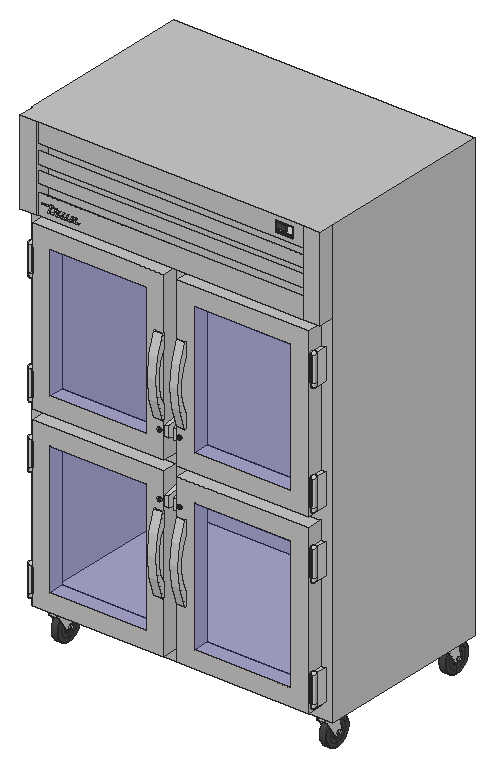
Revit family "QF_TRUE_STG2H-4HG", category Specialty Equipment, Revit 2012
Parameters
  Weight in Pounds = 0
  Watts = 3000 W
  Volts = 208 V
  URL Cutsheet = "www.truemfg.com"
  URL = "www.truemfg.com"
  Type Mark [instance] = ""
  Type Comments = ""
  Status [instance] = ""
  Specification by User [instance] = ""
  Specification by Manufacturer = ""
  Show Seismic Flanged [instance] = no
  Show Logo [instance] = yes
  Show Legs [instance] = no
  Show Clearance [instance] = yes
  Serial Number = ""
  Seismic Rating = ""
  Seismic Plate [instance] = and(Show Seismic Flanged, not(Show Casters))  # no
  SMACNA No = ""
  Revision Code [instance] = ""
  Phase = 1
  Omniclass Number and Title = ""
  Number of Poles [instance] = 1
  NAFEM Spec ID Number = ""
  Model = "STG2H-4HG"
  Min Ckt Ampacity = 0 A
  Max Overcurrent Protection = 0 A
  Masterspec = ""
  Manufacturer = "TRUE FOOD SERVICE EQUIPMENT, INC."
  Length = 52 5/8"
  Legs [instance] = or(Show Legs, Show Seismic Flanged)  # no
  Item Number [instance] = ""
  Installed By [instance] = ""
  Identify Quantity as Lot [instance] = yes
  Height = 77 3/4"
  HP = ""
  Furnished By [instance] = ""
  Foodservice Equipment Identifier [instance] = yes
  FL Amps = Watts / Volts  # 14.4231 A
  Electrical Remarks [instance] = "208-240/60/1"
  Electric Connection Type [instance] = ""
  Elec Conn RI Height [instance] = 0"
  Elec Conn Connection Height [instance] = 0"
  Description = "REACH-IN GLASS HALF SWING DOOR HEATED CABINETS WITH LED LIGHTING"
  Depth = 33 3/4"
  Cycle = 60 Hz
  Conn Plug = ""
  Conn Conduit = yes
  Show Casters [instance] = and(not(if(Show Legs, Show Legs, Show Legs)), not(if(Show Legs, Show Legs, Show Seismic Flanged)))  # yes
  CSI MasterFormat = ""
  CSI Master Format = ""
  Apparent Power = if(Phase = 3, Volts * FL Amps * 1.73, Volts * FL Amps)  # 3000 VA
Reference planes (in)
  plane 1 "BACK": y = 0
  plane 2: z = 0
  plane 3 "LEFT": x = 0
  plane 4 "RIGHT": x = 52.625
  plane 5 "FRONT": y = -33.75
  plane 6 "TOP": z = 84.125
  plane 7: z = 6.125
  plane 8: x = 26.3125
  plane 9: x = 3
  plane 10: x = 49.9375
  plane 11: y = -33.7042
  plane 12: x = 26.3125
  plane 13: y = -56.78125
Forms (in)
  Extrusion 1, solid, material "QF_Finishes_Stainless Steel"
    sketch origin (0.05, 0, 0) x (1, 0, 0) y (0, 1, 0)
      loop
        line (-0.05, 0) -> (-0.05, -31) -> (2.35625, -31) -> (2.35625, 0) -> (-0.05, 0)
    from 6.125 to 84.125
  Extrusion 2, solid, material "QF_Finishes_Stainless Steel"
    sketch origin (50.15, 0, 0) x (1, 0, 0) y (0, 1, 0)
      loop
        line (0.225, 0) -> (0.225, -31) -> (2.475, -31) -> (2.475, 0) -> (0.225, 0)
    from 6.125 to 84.125
  Extrusion 3, solid, material "QF_Finishes_Stainless Steel"
    sketch origin (0, 0, 0) x (0, 1, 0) y (0, 0, 1)
      loop
        line (-33.7042, 69.5) -> (-31, 69.5) -> (-31, 66.96875) -> (-2, 66.96875) -> (-2, 9.03125) -> (-31, 9.03125) -> (-31, 6.125) -> (0, 6.125) -> (0, 84.125) -> (-33.7042, 84.125) -> (-33.7042, 80.78078) -> (-31.5, 79.21352) -> (-31.5, 78.09125) -> (-33.7042, 79.65851) -> (-33.7042, 77.5248) -> (-31.5, 75.95754) -> (-31.5, 74.99678) -> (-33.7042, 76.56404) -> (-33.7042, 74.46784) -> (-31.5, 72.90057) -> (-31.5, 71.625) -> (-33.7042, 73.19226) -> (-33.7042, 69.5)
      loop
        line (-30, 36.125) -> (-30, 39.875) -> (-31, 39.875) -> (-31, 36.125) -> (-30, 36.125)
    from 2.25 to 50.375
  Extrusion 4, solid, material "QF_Finishes_Stainless Steel"
    sketch origin (0, 0, 0) x (1, 0, 0) y (0, 1, 0)
      loop
        line (52.54687, -31) -> (49.66032, -31) -> (49.66032, -33.75) -> (52.54687, -33.75) -> (52.54687, -31)
    from 69.5 to 84.125
  Extrusion 5, solid, material "QF_Finishes_Stainless Steel"
    sketch origin (-50.125, 0, 0.25) x (1, 0, 0) y (0, 1, 0)
      loop
        line (53.20984, -31) -> (50.20312, -31) -> (50.20312, -33.75) -> (53.20984, -33.75) -> (53.20984, -31)
    from 69.25 to 83.875
  Extrusion 6, solid, material "QF_Finishes_Stainless Steel"
    sketch origin (0, 0, -0.71875) x (1, 0, 0) y (0, 0, 1)
      loop
        line (2.25, 68.6875) -> (2.25, 39.59375) -> (25.1875, 39.59375) -> (25.1875, 68.6875) -> (2.25, 68.6875)
      loop
        line (50.53125, 68.6875) -> (27.59375, 68.6875) -> (27.59375, 39.59375) -> (50.53125, 39.59375) -> (50.53125, 68.6875)
      loop
        line (2.25, 8.75) -> (25.1875, 8.75) -> (25.1875, 37.84375) -> (2.25, 37.84375) -> (2.25, 8.75)
      loop
        line (27.59375, 8.75) -> (50.53125, 8.75) -> (50.53125, 37.84375) -> (27.59375, 37.84375) -> (27.59375, 8.75)
      loop
        line (5.25, 65.6875) -> (5.25, 42.59375) -> (22.1875, 42.59375) -> (22.1875, 65.6875) -> (5.25, 65.6875)
      loop
        line (30.59375, 65.6875) -> (30.59375, 42.59375) -> (47.53125, 42.59375) -> (47.53125, 65.6875) -> (30.59375, 65.6875)
      loop
        line (5.25, 34.84375) -> (5.25, 11.75) -> (22.29688, 11.75) -> (22.29688, 34.84375) -> (5.25, 34.84375)
      loop
        line (47.53125, 34.84375) -> (30.59375, 34.84375) -> (30.59375, 11.75) -> (47.53125, 11.75) -> (47.53125, 34.84375)
    from 31 to 33.75
  Extrusion 7, solid, material "QF_Finishes_Handrails and Railings"
    sketch origin (1.75, 0, 3.375) x (1, 0, 0) y (0, 0, 1)
      loop
        circle (22.76563, 40.0625) r 0.35
      loop
        line (22.73047, 40.33635) -> (22.73047, 39.76895) -> (22.78597, 39.76895) -> (22.78597, 40.33635) -> (22.73047, 40.33635)
      loop
        circle (26.28125, 40.0625) r 0.35
      loop
        line (26.3164, 40.33635) -> (26.2609, 40.33635) -> (26.2609, 39.76895) -> (26.3164, 39.76895) -> (26.3164, 40.33635)
    from 33.5 to 33.83066
  Extrusion 8, solid, material "QF_Finishes_Handrails and Railings", visible <- "Show Logo"
    sketch origin (0.33478, 1.08173, -6.73143) x (1, 0, 0) y (0, 0, 1)
      loop
        line (3.61669, 78.46231) -> (3.51103, 78.23573) -> (4.91652, 78.23573)
        arc (4.91652, 78.23573) -> (4.94504, 78.18528) -> (4.91652, 78.13484) r 0.05887
        line (4.91652, 78.13484) -> (4.54994, 77.34872)
        arc (4.54994, 77.34872) -> (4.54676, 77.27591) -> (4.596, 77.22217) r 0.09523
        line (4.596, 77.22217) -> (5.49469, 77.22217)
        arc (5.49469, 77.22217) -> (5.60817, 77.25795) -> (5.68061, 77.35235) r 0.19785
        line (5.68061, 77.35235) -> (5.9691, 77.97101) -> (6.23415, 77.97101)
        arc (6.23415, 77.97101) -> (6.30369, 77.94543) -> (6.29362, 77.87203) r 0.05911
        line (6.29362, 77.87203) -> (6.05223, 77.35437)
        arc (6.05223, 77.35437) -> (6.05599, 77.2684) -> (6.12856, 77.22217) r 0.09318
        line (6.12856, 77.22217) -> (6.91823, 77.22217)
        arc (6.91823, 77.22217) -> (6.97874, 77.24419) -> (7.01093, 77.29995) r 0.09412
        arc (7.01093, 77.29995) -> (7.03371, 77.24495) -> (7.08871, 77.22217) r 0.07778
        line (7.08871, 77.22217) -> (7.58871, 77.22217)
        arc (7.58871, 77.22217) -> (7.64647, 77.23765) -> (7.68876, 77.27993) r 0.11552
        arc (7.68876, 77.27993) -> (7.709, 77.23106) -> (7.75787, 77.21081) r 0.06912
        line (7.75787, 77.21081) -> (8.4685, 77.21081)
        arc (8.4685, 77.21081) -> (8.52659, 77.23488) -> (8.55066, 77.29297) r 0.08216
        arc (8.55066, 77.29297) -> (8.60392, 77.23972) -> (8.67667, 77.22022) r 0.14551
        line (8.67667, 77.22022) -> (10.00783, 77.22022) -> (10.15571, 77.47634) -> (8.81303, 77.47634)
        arc (8.81303, 77.47634) -> (8.77597, 77.50204) -> (8.77459, 77.54711) r 0.05009
        line (8.77459, 77.54711) -> (8.79782, 77.59692)
        arc (8.79782, 77.59692) -> (8.83348, 77.64364) -> (8.88952, 77.66135) r 0.09747
        line (8.88952, 77.66135) -> (9.3211, 77.66135)
        arc (9.3211, 77.66135) -> (9.41425, 77.68631) -> (9.48244, 77.7545) r 0.1863
        line (9.48244, 77.7545) -> (9.60744, 77.97101)
        arc (9.60744, 77.97101) -> (9.60744, 78.08657) -> (9.50736, 78.14434) r 0.11556
        line (9.50736, 78.14434) -> (9.05187, 78.14434)
        arc (9.05187, 78.14434) -> (8.93575, 78.12462) -> (8.85474, 78.03912) r 0.18605
        line (8.85474, 78.03912) -> (8.63829, 77.57493)
        arc (8.63829, 77.57493) -> (8.5744, 77.49167) -> (8.47431, 77.46011) r 0.1745
        line (8.47431, 77.46011) -> (8.00184, 77.46011)
        arc (8.00184, 77.46011) -> (7.94528, 77.52184) -> (7.94893, 77.60548) r 0.10939
        line (7.94893, 77.60548) -> (8.2002, 78.14434) -> (8.04028, 78.14434) -> (7.77406, 77.57344)
        arc (7.77406, 77.57344) -> (7.72234, 77.50603) -> (7.6413, 77.48048) r 0.14128
        line (7.6413, 77.48048) -> (7.3155, 77.48048)
        arc (7.3155, 77.48048) -> (7.26044, 77.55223) -> (7.27225, 77.64189) r 0.11816
        line (7.27225, 77.64189) -> (7.50655, 78.14434) -> (7.34139, 78.14434) -> (7.07171, 77.566)
        arc (7.07171, 77.566) -> (7.0091, 77.50339) -> (6.92358, 77.48048) r 0.17104
        line (6.92358, 77.48048) -> (6.4518, 77.48048)
        arc (6.4518, 77.48048) -> (6.36707, 77.51999) -> (6.35892, 77.61313) r 0.0935
        line (6.35892, 77.61313) -> (6.51399, 77.94569) -> (6.7332, 77.94569)
        arc (6.7332, 77.94569) -> (6.7702, 78.05717) -> (6.84892, 78.14434) r 0.2857
        line (6.84892, 78.14434) -> (5.9923, 78.14434)
        arc (5.9923, 78.14434) -> (5.89711, 78.12324) -> (5.83123, 78.05135) r 0.16212
        line (5.83123, 78.05135) -> (5.59904, 77.55341)
        arc (5.59904, 77.55341) -> (5.54565, 77.50002) -> (5.47272, 77.48048) r 0.14586
        line (5.47272, 77.48048) -> (4.96131, 77.48048)
        arc (4.96131, 77.48048) -> (4.92139, 77.53442) -> (4.92899, 77.60109) r 0.09155
        line (4.92899, 77.60109) -> (5.26643, 78.23573) -> (6.1178, 78.23573) -> (6.22346, 78.46231) -> (5.37209, 78.46231) -> (5.47774, 78.68888) -> (5.17487, 78.68888) -> (5.06922, 78.46231) -> (3.61669, 78.46231)
      loop
        arc (8.9943, 77.93863) -> (8.95744, 77.92875) -> (8.93045, 77.90176) r 0.07373
        line (8.93045, 77.90176) -> (8.90854, 77.83436)
        arc (8.90854, 77.83436) -> (8.9187, 77.80983) -> (8.94324, 77.79966) r 0.0347
        line (8.94324, 77.79966) -> (9.31573, 77.79966)
        arc (9.31573, 77.79966) -> (9.34257, 77.80561) -> (9.36437, 77.82234) r 0.0635
        line (9.36437, 77.82234) -> (9.38249, 77.90622)
        arc (9.38249, 77.90622) -> (9.37716, 77.92868) -> (9.35634, 77.93863) r 0.02676
        line (9.35634, 77.93863) -> (8.9943, 77.93863)
    from 34.76797 to 34.83173
  Extrusion 9, solid
    sketch origin (0, 0, 0) x (1, 0, 0) y (0, 0, 1)
      loop
        circle (49.53125, 82) r 0.25
    from 0 to 0.0625
  Extrusion 10, solid, material "QF_Finishes_Handrails and Railings"
    sketch origin (36.06481, -0.25, 99.01973) x (0, 1, 0) y (0, 0, -1)
      loop
        line (-33.5, 53.875) -> (-33.7, 53.875)
        arc (-33.7, 53.875) -> (-35.14405, 47.075) -> (-33.7, 40.275) r 16.7325
        line (-33.7, 40.275) -> (-33.5, 40.275) -> (-33.5, 42.675)
        arc (-33.5, 42.675) -> (-34.65816, 47.075) -> (-33.5, 51.475) r 8.93715
        line (-33.5, 51.475) -> (-33.5, 53.875)
    from 10.87731 to 12.37731
  Blend 11, solid, material "QF_Finishes_Handrails and Railings"
    base sketch origin (-0.14063, 0, 5.375) x (1, 0, 0) y (0, 0, 1)
      loop
        line (25.32813, 38.99169) -> (25.32813, 37.24169) -> (26.07813, 37.24169) -> (26.07813, 38.99169) -> (25.32813, 38.99169)
    top sketch origin (-0.14063, 0, 5.375) x (1, 0, 0) y (0, 0, 1)
      loop
        line (26.26036, 36.6441) -> (26.26036, 39.42643) -> (25.32813, 39.42643) -> (25.32813, 36.6441) -> (26.26036, 36.6441)
    from 33.57883 to 31
  Blend 12, solid, material "QF_Finishes_Handrails and Railings"
    base sketch origin (52.84375, 0, 5.375) x (-1, 0, 0) y (0, 0, -1)
      loop
        line (25.25, -38.99169) -> (26, -38.99169) -> (26, -37.24169) -> (25.25, -37.24169) -> (25.25, -38.99169)
    top sketch origin (52.84375, 0, 5.375) x (-1, 0, 0) y (0, 0, -1)
      loop
        line (26.18223, -36.6441) -> (25.25, -36.6441) -> (25.25, -39.42643) -> (26.18223, -39.42643) -> (26.18223, -36.6441)
    from 33.57883 to 31
  Extrusion 13, solid, material "QF_Finishes_Handrails and Railings"
    sketch origin (1.09375, 0, 0) x (0, 1, 0) y (0, 0, 1)
      loop
        line (-31, 64.55229) -> (-32.61044, 64.55229)
        arc (-32.61044, 64.55229) -> (-32.75506, 64.49238) -> (-32.81497, 64.34776) r 0.20453
        line (-32.81497, 64.34776) -> (-32.81497, 59.94848) -> (-33.25, 59.94848) -> (-33.25, 59.23627) -> (-31, 59.23627) -> (-31, 64.55229)
    from 0.17506 to 1
  Revolve 14, solid, material "QF_Finishes_Handrails and Railings"
    sketch origin (1.59375, 0, 0) x (0, 1, 0) y (0, 0, 1)
      loop
        line (-33.26563, 60.00189) -> (-33.26563, 64.81483)
        arc (-33.26563, 64.81483) -> (-33.53722, 64.72557) -> (-33.67229, 64.4736) r 0.3848
        line (-33.67229, 64.4736) -> (-33.67229, 60.00189) -> (-33.26563, 60.00189)
      loop
        line (-33.26563, 59.94848) -> (-33.67229, 59.94848) -> (-33.67229, 59.37712)
        arc (-33.67229, 59.37712) -> (-33.53264, 59.13383) -> (-33.26563, 59.04781) r 0.38884
        line (-33.26563, 59.04781) -> (-33.26563, 59.94848)
      axis (-33.26563, 59.04781) -> (-33.26563, 64.81483)
    angle from 0 to 360
  Extrusion 15, solid, material "QF_Finishes_Handrails and Railings"
    sketch origin (-0.21875, 0, 0) x (1, 0, 0) y (0, 0, 1)
      loop
        line (2.07116, 64.4736) -> (2.07116, 60.00079) -> (2.46875, 60.00079) -> (2.46875, 64.4736) -> (2.07116, 64.4736)
    from 32.81497 to 33.59495
  Extrusion 16, solid, material "QF_Finishes_Handrails and Railings"
    sketch origin (1.09375, 0, -19.5) x (0, 1, 0) y (0, 0, 1)
      loop
        line (-31, 64.55229) -> (-32.61044, 64.55229)
        arc (-32.61044, 64.55229) -> (-32.75506, 64.49238) -> (-32.81497, 64.34776) r 0.20453
        line (-32.81497, 64.34776) -> (-32.81497, 59.94848) -> (-33.25, 59.94848) -> (-33.25, 59.23627) -> (-31, 59.23627) -> (-31, 64.55229)
    from 0.17506 to 1
  Revolve 17, solid, material "QF_Finishes_Handrails and Railings"
    sketch origin (1.59375, 0, -19.5) x (0, 1, 0) y (0, 0, 1)
      loop
        line (-33.26563, 60.00189) -> (-33.26563, 64.81483)
        arc (-33.26563, 64.81483) -> (-33.53722, 64.72557) -> (-33.67229, 64.4736) r 0.3848
        line (-33.67229, 64.4736) -> (-33.67229, 60.00189) -> (-33.26563, 60.00189)
      loop
        line (-33.26563, 59.94848) -> (-33.67229, 59.94848) -> (-33.67229, 59.37712)
        arc (-33.67229, 59.37712) -> (-33.53264, 59.13383) -> (-33.26563, 59.04781) r 0.38884
        line (-33.26563, 59.04781) -> (-33.26563, 59.94848)
      axis (-33.26563, 59.04781) -> (-33.26563, 64.81483)
    angle from 0 to 360
  Extrusion 18, solid, material "QF_Finishes_Handrails and Railings"
    sketch origin (-0.21875, 0, -19.5) x (1, 0, 0) y (0, 0, 1)
      loop
        line (2.07116, 64.4736) -> (2.07116, 60.00079) -> (2.46875, 60.00079) -> (2.46875, 64.4736) -> (2.07116, 64.4736)
    from 32.81497 to 33.59495
  Extrusion 19, solid, material "QF_Finishes_Handrails and Railings"
    sketch origin (1.09375, 0, -30.5) x (0, 1, 0) y (0, 0, 1)
      loop
        line (-31, 64.55229) -> (-32.61044, 64.55229)
        arc (-32.61044, 64.55229) -> (-32.75506, 64.49238) -> (-32.81497, 64.34776) r 0.20453
        line (-32.81497, 64.34776) -> (-32.81497, 59.94848) -> (-33.25, 59.94848) -> (-33.25, 59.23627) -> (-31, 59.23627) -> (-31, 64.55229)
    from 0.17506 to 1
  Revolve 20, solid, material "QF_Finishes_Handrails and Railings"
    sketch origin (1.59375, 0, -30.5) x (0, 1, 0) y (0, 0, 1)
      loop
        line (-33.26563, 60.00189) -> (-33.26563, 64.81483)
        arc (-33.26563, 64.81483) -> (-33.53722, 64.72557) -> (-33.67229, 64.4736) r 0.3848
        line (-33.67229, 64.4736) -> (-33.67229, 60.00189) -> (-33.26563, 60.00189)
      loop
        line (-33.26563, 59.94848) -> (-33.67229, 59.94848) -> (-33.67229, 59.37712)
        arc (-33.67229, 59.37712) -> (-33.53264, 59.13383) -> (-33.26563, 59.04781) r 0.38884
        line (-33.26563, 59.04781) -> (-33.26563, 59.94848)
      axis (-33.26563, 59.04781) -> (-33.26563, 64.81483)
    angle from 0 to 360
  Extrusion 21, solid, material "QF_Finishes_Handrails and Railings"
    sketch origin (-0.21875, 0, -30.5) x (1, 0, 0) y (0, 0, 1)
      loop
        line (2.07116, 64.4736) -> (2.07116, 60.00079) -> (2.46875, 60.00079) -> (2.46875, 64.4736) -> (2.07116, 64.4736)
    from 32.81497 to 33.59495
  Extrusion 22, solid, material "QF_Finishes_Handrails and Railings"
    sketch origin (1.09375, 0, -50.25) x (0, 1, 0) y (0, 0, 1)
      loop
        line (-31, 64.55229) -> (-32.61044, 64.55229)
        arc (-32.61044, 64.55229) -> (-32.75506, 64.49238) -> (-32.81497, 64.34776) r 0.20453
        line (-32.81497, 64.34776) -> (-32.81497, 59.94848) -> (-33.25, 59.94848) -> (-33.25, 59.23627) -> (-31, 59.23627) -> (-31, 64.55229)
    from 0.17506 to 1
  Revolve 23, solid, material "QF_Finishes_Handrails and Railings"
    sketch origin (1.59375, 0, -50.25) x (0, 1, 0) y (0, 0, 1)
      loop
        line (-33.26563, 60.00189) -> (-33.26563, 64.81483)
        arc (-33.26563, 64.81483) -> (-33.53722, 64.72557) -> (-33.67229, 64.4736) r 0.3848
        line (-33.67229, 64.4736) -> (-33.67229, 60.00189) -> (-33.26563, 60.00189)
      loop
        line (-33.26563, 59.94848) -> (-33.67229, 59.94848) -> (-33.67229, 59.37712)
        arc (-33.67229, 59.37712) -> (-33.53264, 59.13383) -> (-33.26563, 59.04781) r 0.38884
        line (-33.26563, 59.04781) -> (-33.26563, 59.94848)
      axis (-33.26563, 59.04781) -> (-33.26563, 64.81483)
    angle from 0 to 360
  Extrusion 24, solid, material "QF_Finishes_Handrails and Railings"
    sketch origin (-0.21875, 0, -50.25) x (1, 0, 0) y (0, 0, 1)
      loop
        line (2.07116, 64.4736) -> (2.07116, 60.00079) -> (2.46875, 60.00079) -> (2.46875, 64.4736) -> (2.07116, 64.4736)
    from 32.81497 to 33.59495
  Extrusion 25, solid, material "QF_Finishes_Handrails and Railings"
    sketch origin (51.53125, 0, 0) x (0, 1, 0) y (0, 0, -1)
      loop
        line (-31, -64.55229) -> (-31, -59.23627) -> (-33.25, -59.23627) -> (-33.25, -59.94848) -> (-32.81497, -59.94848) -> (-32.81497, -64.34776)
        arc (-32.81497, -64.34776) -> (-32.75506, -64.49238) -> (-32.61044, -64.55229) r 0.20453
        line (-32.61044, -64.55229) -> (-31, -64.55229)
    from 0.17506 to 1
  Revolve 26, solid, material "QF_Finishes_Handrails and Railings"
    sketch origin (51.03125, 0, 0) x (0, 1, 0) y (0, 0, -1)
      loop
        line (-33.26563, -60.00189) -> (-33.67229, -60.00189) -> (-33.67229, -64.4736)
        arc (-33.67229, -64.4736) -> (-33.53722, -64.72557) -> (-33.26563, -64.81483) r 0.3848
        line (-33.26563, -64.81483) -> (-33.26563, -60.00189)
      loop
        line (-33.26563, -59.94848) -> (-33.26563, -59.04781)
        arc (-33.26563, -59.04781) -> (-33.53264, -59.13383) -> (-33.67229, -59.37712) r 0.38884
        line (-33.67229, -59.37712) -> (-33.67229, -59.94848) -> (-33.26563, -59.94848)
      axis (-33.26563, -59.04781) -> (-33.26563, -64.81483)
    angle from 0 to 360
  Extrusion 27, solid, material "QF_Finishes_Handrails and Railings"
    sketch origin (52.84375, 0, 0) x (-1, 0, 0) y (0, 0, -1)
      loop
        line (1.75866, -64.4736) -> (2.15625, -64.4736) -> (2.15625, -60.00079) -> (1.75866, -60.00079) -> (1.75866, -64.4736)
    from 32.81497 to 33.59495
  Extrusion 28, solid, material "QF_Finishes_Handrails and Railings"
    sketch origin (51.53125, 0, -19.5) x (0, 1, 0) y (0, 0, -1)
      loop
        line (-31, -64.55229) -> (-31, -59.23627) -> (-33.25, -59.23627) -> (-33.25, -59.94848) -> (-32.81497, -59.94848) -> (-32.81497, -64.34776)
        arc (-32.81497, -64.34776) -> (-32.75506, -64.49238) -> (-32.61044, -64.55229) r 0.20453
        line (-32.61044, -64.55229) -> (-31, -64.55229)
    from 0.17506 to 1
  Revolve 29, solid, material "QF_Finishes_Handrails and Railings"
    sketch origin (51.03125, 0, -19.5) x (0, 1, 0) y (0, 0, -1)
      loop
        line (-33.26563, -60.00189) -> (-33.67229, -60.00189) -> (-33.67229, -64.4736)
        arc (-33.67229, -64.4736) -> (-33.53722, -64.72557) -> (-33.26563, -64.81483) r 0.3848
        line (-33.26563, -64.81483) -> (-33.26563, -60.00189)
      loop
        line (-33.26563, -59.94848) -> (-33.26563, -59.04781)
        arc (-33.26563, -59.04781) -> (-33.53264, -59.13383) -> (-33.67229, -59.37712) r 0.38884
        line (-33.67229, -59.37712) -> (-33.67229, -59.94848) -> (-33.26563, -59.94848)
      axis (-33.26563, -59.04781) -> (-33.26563, -64.81483)
    angle from 0 to 360
  Extrusion 30, solid, material "QF_Finishes_Handrails and Railings"
    sketch origin (52.84375, 0, -19.5) x (-1, 0, 0) y (0, 0, -1)
      loop
        line (1.75866, -64.4736) -> (2.15625, -64.4736) -> (2.15625, -60.00079) -> (1.75866, -60.00079) -> (1.75866, -64.4736)
    from 32.81497 to 33.59495
  Extrusion 31, solid, material "QF_Finishes_Handrails and Railings"
    sketch origin (51.53125, 0, -30.5) x (0, 1, 0) y (0, 0, -1)
      loop
        line (-31, -64.55229) -> (-31, -59.23627) -> (-33.25, -59.23627) -> (-33.25, -59.94848) -> (-32.81497, -59.94848) -> (-32.81497, -64.34776)
        arc (-32.81497, -64.34776) -> (-32.75506, -64.49238) -> (-32.61044, -64.55229) r 0.20453
        line (-32.61044, -64.55229) -> (-31, -64.55229)
    from 0.17506 to 1
  Revolve 32, solid, material "QF_Finishes_Handrails and Railings"
    sketch origin (51.03125, 0, -30.5) x (0, 1, 0) y (0, 0, -1)
      loop
        line (-33.26563, -60.00189) -> (-33.67229, -60.00189) -> (-33.67229, -64.4736)
        arc (-33.67229, -64.4736) -> (-33.53722, -64.72557) -> (-33.26563, -64.81483) r 0.3848
        line (-33.26563, -64.81483) -> (-33.26563, -60.00189)
      loop
        line (-33.26563, -59.94848) -> (-33.26563, -59.04781)
        arc (-33.26563, -59.04781) -> (-33.53264, -59.13383) -> (-33.67229, -59.37712) r 0.38884
        line (-33.67229, -59.37712) -> (-33.67229, -59.94848) -> (-33.26563, -59.94848)
      axis (-33.26563, -59.04781) -> (-33.26563, -64.81483)
    angle from 0 to 360
  Extrusion 33, solid, material "QF_Finishes_Handrails and Railings"
    sketch origin (52.84375, 0, -30.5) x (-1, 0, 0) y (0, 0, -1)
      loop
        line (1.75866, -64.4736) -> (2.15625, -64.4736) -> (2.15625, -60.00079) -> (1.75866, -60.00079) -> (1.75866, -64.4736)
    from 32.81497 to 33.59495
  Extrusion 34, solid, material "QF_Finishes_Handrails and Railings"
    sketch origin (51.53125, 0, -50.25) x (0, 1, 0) y (0, 0, -1)
      loop
        line (-31, -64.55229) -> (-31, -59.23627) -> (-33.25, -59.23627) -> (-33.25, -59.94848) -> (-32.81497, -59.94848) -> (-32.81497, -64.34776)
        arc (-32.81497, -64.34776) -> (-32.75506, -64.49238) -> (-32.61044, -64.55229) r 0.20453
        line (-32.61044, -64.55229) -> (-31, -64.55229)
    from 0.17506 to 1
  Revolve 35, solid, material "QF_Finishes_Handrails and Railings"
    sketch origin (51.03125, 0, -50.25) x (0, 1, 0) y (0, 0, -1)
      loop
        line (-33.26563, -60.00189) -> (-33.67229, -60.00189) -> (-33.67229, -64.4736)
        arc (-33.67229, -64.4736) -> (-33.53722, -64.72557) -> (-33.26563, -64.81483) r 0.3848
        line (-33.26563, -64.81483) -> (-33.26563, -60.00189)
      loop
        line (-33.26563, -59.94848) -> (-33.26563, -59.04781)
        arc (-33.26563, -59.04781) -> (-33.53264, -59.13383) -> (-33.67229, -59.37712) r 0.38884
        line (-33.67229, -59.37712) -> (-33.67229, -59.94848) -> (-33.26563, -59.94848)
      axis (-33.26563, -59.04781) -> (-33.26563, -64.81483)
    angle from 0 to 360
  Extrusion 36, solid, material "QF_Finishes_Handrails and Railings"
    sketch origin (52.84375, 0, -50.25) x (-1, 0, 0) y (0, 0, -1)
      loop
        line (1.75866, -64.4736) -> (2.15625, -64.4736) -> (2.15625, -60.00079) -> (1.75866, -60.00079) -> (1.75866, -64.4736)
    from 32.81497 to 33.59495
  Revolve 37, solid, material "QF_Finishes_Black", visible <- "Show Casters"
    sketch origin (47.78125, -27.375, 0) x (1, 0, 0) y (0, 0, 1)
      loop
        line (1.63125, 5) -> (1.53125, 4.9) -> (1.53125, 4.29941) -> (1.69226, 4.29941) -> (1.69226, 3.54941) -> (1.53125, 3.54941) -> (1.53125, 2.79941) -> (1.13125, 2.79941) -> (1.13125, 2.5) -> (3.18125, 2.5) -> (3.18125, 2.79941) -> (2.78533, 2.79941) -> (2.78533, 3.54941) -> (2.62024, 3.54941) -> (2.62024, 4.29941) -> (2.78533, 4.29941) -> (2.78533, 4.89592) -> (2.68125, 5) -> (1.63125, 5)
      axis (3.18125, 2.5) -> (1.13125, 2.5)
    angle from 0 to 360
  Extrusion 38, solid, material "QF_Finishes_Handrails and Railings", visible <- "Show Casters"
    sketch origin (47.78125, 0, 0) x (0, 1, 0) y (0, 0, 1)
      loop
        line (-29.95136, 5.48574) -> (-29.95136, 4.88089) -> (-29.70136, 4.88089) -> (-27.95216, 2.18736)
        arc (-27.95216, 2.18736) -> (-27.23883, 1.94868) -> (-26.84581, 2.59003) r 0.60416
        line (-26.84581, 2.59003) -> (-27.20136, 5.48574) -> (-29.95136, 5.48574)
      loop
        line (-3.8577, 5.48574) -> (-3.8577, 4.88089) -> (-3.6077, 4.88089) -> (-1.8585, 2.18736)
        arc (-1.8585, 2.18736) -> (-1.14517, 1.94868) -> (-0.75215, 2.59003) r 0.60416
        line (-0.75215, 2.59003) -> (-1.1077, 5.48574) -> (-3.8577, 5.48574)
    from 1.175 to 1.325
  Extrusion 39, solid, material "QF_Finishes_Handrails and Railings", visible <- "Show Casters"
    sketch origin (49.28125, 0, 0) x (0, 1, 0) y (0, 0, 1)
      loop
        line (-29.95136, 5.48574) -> (-29.95136, 4.88089) -> (-29.70136, 4.88089) -> (-27.95216, 2.18736)
        arc (-27.95216, 2.18736) -> (-27.23883, 1.94868) -> (-26.84581, 2.59003) r 0.60416
        line (-26.84581, 2.59003) -> (-27.20136, 5.48574) -> (-29.95136, 5.48574)
      loop
        line (-3.8577, 5.48574) -> (-3.8577, 4.88089) -> (-3.6077, 4.88089) -> (-1.8585, 2.18736)
        arc (-1.8585, 2.18736) -> (-1.14517, 1.94868) -> (-0.75215, 2.59003) r 0.60416
        line (-0.75215, 2.59003) -> (-1.1077, 5.48574) -> (-3.8577, 5.48574)
    from 1.175 to 1.325
  Revolve 40, solid, material "QF_Finishes_Chrome - Satin", visible <- "Show Casters"
    sketch origin (47.78125, -28.5625, -0.5) x (1, 0, 0) y (0, 0, 1)
      loop
        line (2.15625, 5.99546) -> (2.15625, 6.62359) -> (0.85918, 6.62359) -> (0.85918, 5.99546) -> (2.15625, 5.99546)
      axis (2.15625, 5.99546) -> (2.15625, 6.62359)
    angle from 0 to 360
  Revolve 41, solid, material "QF_Finishes_Chrome - Satin", visible <- "Legs"
    sketch origin (47.78125, -2.69102, 0) x (1, 0, 0) y (0, 0, 1)
      loop
        line (2.15625, 6.125) -> (0.82287, 6.125) -> (1.40625, 1) -> (1.65625, 1) -> (1.65625, 0) -> (2.15625, 0) -> (2.15625, 6.125)
      axis (2.15625, 0) -> (2.15625, 6.125)
    angle from 0 to 360
  Revolve 42, solid, material "QF_Finishes_Chrome - Satin", visible <- "Legs"
    sketch origin (47.78125, -28.65977, 0) x (1, 0, 0) y (0, 0, 1)
      loop
        line (2.15625, 6.125) -> (0.82287, 6.125) -> (1.40625, 1) -> (1.65625, 1) -> (1.65625, 0) -> (2.15625, 0) -> (2.15625, 6.125)
      axis (2.15625, 0) -> (2.15625, 6.125)
    angle from 0 to 360
  Revolve 43, solid, material "QF_Finishes_Chrome - Satin", visible <- "Show Casters"
    sketch origin (47.78125, -2.70321, -0.5) x (1, 0, 0) y (0, 0, 1)
      loop
        line (2.15625, 5.99546) -> (2.15625, 6.62359) -> (0.85918, 6.62359) -> (0.85918, 5.99546) -> (2.15625, 5.99546)
      axis (2.15625, 5.99546) -> (2.15625, 6.62359)
    angle from 0 to 360
  Extrusion 44, solid, material "QF_Finishes_Handrails and Railings", visible <- "Show Casters"
    sketch origin (0, 0, 0) x (0, 1, 0) y (0, 0, 1)
      loop
        line (-29.95136, 5.48574) -> (-29.95136, 4.88089) -> (-29.70136, 4.88089) -> (-27.16533, 5.19227) -> (-27.20136, 5.48574) -> (-29.95136, 5.48574)
      loop
        line (-3.8577, 5.48574) -> (-3.8577, 4.88089) -> (-3.6077, 4.88089) -> (-1.07167, 5.19227) -> (-1.1077, 5.48574) -> (-3.8577, 5.48574)
    from 49.10625 to 50.45625
  Revolve 45, solid, material "QF_Finishes_Black", visible <- "Show Casters"
    sketch origin (47.78125, -1.21875, 0) x (1, 0, 0) y (0, 0, 1)
      loop
        line (1.63125, 5) -> (1.53125, 4.9) -> (1.53125, 4.29941) -> (1.69226, 4.29941) -> (1.69226, 3.54941) -> (1.53125, 3.54941) -> (1.53125, 2.79941) -> (1.13125, 2.79941) -> (1.13125, 2.5) -> (3.18125, 2.5) -> (3.18125, 2.79941) -> (2.78533, 2.79941) -> (2.78533, 3.54941) -> (2.62024, 3.54941) -> (2.62024, 4.29941) -> (2.78533, 4.29941) -> (2.78533, 4.89592) -> (2.68125, 5) -> (1.63125, 5)
      axis (3.18125, 2.5) -> (1.13125, 2.5)
    angle from 0 to 360
  Revolve 46, solid, material "QF_Finishes_Black", visible <- "Show Casters"
    sketch origin (0.84375, -27.375, 0) x (1, 0, 0) y (0, 0, 1)
      loop
        line (1.63125, 5) -> (1.53125, 4.9) -> (1.53125, 4.29941) -> (1.69226, 4.29941) -> (1.69226, 3.54941) -> (1.53125, 3.54941) -> (1.53125, 2.79941) -> (0.975, 2.79941) -> (0.975, 2.5) -> (3.18125, 2.5) -> (3.18125, 2.79941) -> (2.78533, 2.79941) -> (2.78533, 3.54941) -> (2.62024, 3.54941) -> (2.62024, 4.29941) -> (2.78533, 4.29941) -> (2.78533, 4.89592) -> (2.68125, 5) -> (1.63125, 5)
      axis (3.18125, 2.5) -> (0.975, 2.5)
    angle from 0 to 360
  Extrusion 47, solid, material "QF_Finishes_Handrails and Railings", visible <- "Show Casters"
    sketch origin (0.84375, 0, 0) x (0, 1, 0) y (0, 0, 1)
      loop
        line (-29.95136, 5.48574) -> (-29.95136, 4.88089) -> (-29.70136, 4.88089) -> (-27.95216, 2.18736)
        arc (-27.95216, 2.18736) -> (-27.23883, 1.94868) -> (-26.84581, 2.59003) r 0.60416
        line (-26.84581, 2.59003) -> (-27.20136, 5.48574) -> (-29.95136, 5.48574)
      loop
        line (-3.8577, 5.48574) -> (-3.8577, 4.88089) -> (-3.6077, 4.88089) -> (-1.8585, 2.18736)
        arc (-1.8585, 2.18736) -> (-1.14517, 1.94868) -> (-0.75215, 2.59003) r 0.60416
        line (-0.75215, 2.59003) -> (-1.1077, 5.48574) -> (-3.8577, 5.48574)
    from 1.175 to 1.325
  Extrusion 48, solid, material "QF_Finishes_Handrails and Railings", visible <- "Show Casters"
    sketch origin (2.34375, 0, 0) x (0, 1, 0) y (0, 0, 1)
      loop
        line (-29.95136, 5.48574) -> (-29.95136, 4.88089) -> (-29.70136, 4.88089) -> (-27.95216, 2.18736)
        arc (-27.95216, 2.18736) -> (-27.23883, 1.94868) -> (-26.84581, 2.59003) r 0.60416
        line (-26.84581, 2.59003) -> (-27.20136, 5.48574) -> (-29.95136, 5.48574)
      loop
        line (-3.8577, 5.48574) -> (-3.8577, 4.88089) -> (-3.6077, 4.88089) -> (-1.8585, 2.18736)
        arc (-1.8585, 2.18736) -> (-1.14517, 1.94868) -> (-0.75215, 2.59003) r 0.60416
        line (-0.75215, 2.59003) -> (-1.1077, 5.48574) -> (-3.8577, 5.48574)
    from 1.175 to 1.325
  Revolve 49, solid, material "QF_Finishes_Chrome - Satin", visible <- "Show Casters"
    sketch origin (0.84375, -28.5625, -0.5) x (1, 0, 0) y (0, 0, 1)
      loop
        line (2.15625, 5.99546) -> (2.15625, 6.62359) -> (0.85918, 6.62359) -> (0.85918, 5.99546) -> (2.15625, 5.99546)
      axis (2.15625, 5.99546) -> (2.15625, 6.62359)
    angle from 0 to 360
  Revolve 50, solid, material "QF_Finishes_Chrome - Satin", visible <- "Legs"
    sketch origin (0.84375, -2.69102, 0) x (1, 0, 0) y (0, 0, 1)
      loop
        line (2.15625, 6.125) -> (0.82287, 6.125) -> (1.40625, 1) -> (1.65625, 1) -> (1.65625, 0) -> (2.15625, 0) -> (2.15625, 6.125)
      axis (2.15625, 0) -> (2.15625, 6.125)
    angle from 0 to 360
  Revolve 51, solid, material "QF_Finishes_Chrome - Satin", visible <- "Legs"
    sketch origin (0.84375, -28.65977, 0) x (1, 0, 0) y (0, 0, 1)
      loop
        line (2.15625, 6.125) -> (0.82287, 6.125) -> (1.40625, 1) -> (1.65625, 1) -> (1.65625, 0) -> (2.15625, 0) -> (2.15625, 6.125)
      axis (2.15625, 0) -> (2.15625, 6.125)
    angle from 0 to 360
  Revolve 52, solid, material "QF_Finishes_Chrome - Satin", visible <- "Show Casters"
    sketch origin (0.84375, -2.70321, -0.5) x (1, 0, 0) y (0, 0, 1)
      loop
        line (2.15625, 5.99546) -> (2.15625, 6.62359) -> (0.85918, 6.62359) -> (0.85918, 5.99546) -> (2.15625, 5.99546)
      axis (2.15625, 5.99546) -> (2.15625, 6.62359)
    angle from 0 to 360
  Extrusion 53, solid, material "QF_Finishes_Handrails and Railings", visible <- "Show Casters"
    sketch origin (-46.9375, 0, 0) x (0, 1, 0) y (0, 0, 1)
      loop
        line (-29.95136, 5.48574) -> (-29.95136, 4.88089) -> (-29.70136, 4.88089) -> (-27.16533, 5.19227) -> (-27.20136, 5.48574) -> (-29.95136, 5.48574)
      loop
        line (-3.8577, 5.48574) -> (-3.8577, 4.88089) -> (-3.6077, 4.88089) -> (-1.07167, 5.19227) -> (-1.1077, 5.48574) -> (-3.8577, 5.48574)
    from 49.10625 to 50.45625
  Revolve 54, solid, material "QF_Finishes_Black", visible <- "Show Casters"
    sketch origin (0.84375, -1.21875, 0) x (1, 0, 0) y (0, 0, 1)
      loop
        line (1.63125, 5) -> (1.53125, 4.9) -> (1.53125, 4.29941) -> (1.69226, 4.29941) -> (1.69226, 3.54941) -> (1.53125, 3.54941) -> (1.53125, 2.79941) -> (0.975, 2.79941) -> (0.975, 2.5) -> (3.18125, 2.5) -> (3.18125, 2.79941) -> (2.78533, 2.79941) -> (2.78533, 3.54941) -> (2.62024, 3.54941) -> (2.62024, 4.29941) -> (2.78533, 4.29941) -> (2.78533, 4.89592) -> (2.68125, 5) -> (1.63125, 5)
      axis (3.18125, 2.5) -> (0.975, 2.5)
    angle from 0 to 360
  Extrusion 55, solid, material "QF_Finishes_White"
    sketch origin (1.49925, 1.06376, 1.58022) x (1, 0, 0) y (0, 0, 1)
      loop
        line (43.31732, 81.73227) -> (43.31732, 79.98496) -> (46.22357, 79.98496) -> (46.22357, 81.73227) -> (43.31732, 81.73227)
    from 34.75 to 34.76797
  Extrusion 56, solid, material "QF_Finishes_Black"
    sketch origin (1.49925, 1.06376, 1.58022) x (1, 0, 0) y (0, 0, 1)
      loop
        line (46.28607, 81.79477) -> (43.25482, 81.79477) -> (43.25482, 79.92246) -> (46.28607, 79.92246) -> (46.28607, 81.79477)
      loop
        spline (43.45482, 80.25372) -> (43.46333, 80.23754) -> (43.48831, 80.22247) -> (43.52804, 80.20952) -> (43.57982, 80.19959) -> (43.64011, 80.19335) -> (43.70482, 80.19122) -> (43.76952, 80.19335) -> (43.82982, 80.19959) -> (43.88159, 80.20952) -> (43.92132, 80.22247) -> (43.9463, 80.23754) -> (43.95482, 80.25372)
        spline (43.95482, 80.25372) -> (43.9463, 80.26989) -> (43.92132, 80.28497) -> (43.88159, 80.29791) -> (43.82982, 80.30784) -> (43.76952, 80.31409) -> (43.70482, 80.31622) -> (43.64011, 80.31409) -> (43.57982, 80.30784) -> (43.52804, 80.29791) -> (43.48831, 80.28497) -> (43.46333, 80.26989) -> (43.45482, 80.25372)
      loop
        spline (44.15083, 80.25372) -> (44.15935, 80.23754) -> (44.18432, 80.22247) -> (44.22405, 80.20952) -> (44.27583, 80.19959) -> (44.33612, 80.19335) -> (44.40083, 80.19122) -> (44.46553, 80.19335) -> (44.52583, 80.19959) -> (44.57761, 80.20952) -> (44.61734, 80.22247) -> (44.64231, 80.23754) -> (44.65083, 80.25372)
        spline (44.65083, 80.25372) -> (44.64231, 80.26989) -> (44.61734, 80.28497) -> (44.57761, 80.29791) -> (44.52583, 80.30784) -> (44.46553, 80.31409) -> (44.40083, 80.31622) -> (44.33612, 80.31409) -> (44.27583, 80.30784) -> (44.22405, 80.29791) -> (44.18432, 80.28497) -> (44.15935, 80.26989) -> (44.15083, 80.25372)
      loop
        spline (44.90083, 80.25372) -> (44.90935, 80.23754) -> (44.93432, 80.22247) -> (44.97405, 80.20952) -> (45.02583, 80.19959) -> (45.08612, 80.19335) -> (45.15083, 80.19122) -> (45.21553, 80.19335) -> (45.27583, 80.19959) -> (45.32761, 80.20952) -> (45.36734, 80.22247) -> (45.39231, 80.23754) -> (45.40083, 80.25372)
        spline (45.40083, 80.25372) -> (45.39231, 80.26989) -> (45.36734, 80.28497) -> (45.32761, 80.29791) -> (45.27583, 80.30784) -> (45.21553, 80.31409) -> (45.15083, 80.31622) -> (45.08612, 80.31409) -> (45.02583, 80.30784) -> (44.97405, 80.29791) -> (44.93432, 80.28497) -> (44.90935, 80.26989) -> (44.90083, 80.25372)
      loop
        line (43.45481, 81.59478) -> (43.45481, 80.59478) -> (45.15433, 80.59478) -> (45.15433, 81.59478) -> (43.45481, 81.59478)
      loop
        line (46.22357, 81.73227) -> (43.31732, 81.73227) -> (43.31732, 79.98496) -> (46.22357, 79.98496) -> (46.22357, 81.73227)
      loop
        spline (45.65083, 80.25372) -> (45.65935, 80.23754) -> (45.68432, 80.22247) -> (45.72405, 80.20952) -> (45.77583, 80.19959) -> (45.83612, 80.19335) -> (45.90083, 80.19122) -> (45.96553, 80.19335) -> (46.02583, 80.19959) -> (46.07761, 80.20952) -> (46.11734, 80.22247) -> (46.14231, 80.23754) -> (46.15083, 80.25372)
        spline (46.15083, 80.25372) -> (46.14231, 80.26989) -> (46.11734, 80.28497) -> (46.07761, 80.29791) -> (46.02583, 80.30784) -> (45.96553, 80.31409) -> (45.90083, 80.31622) -> (45.83612, 80.31409) -> (45.77583, 80.30784) -> (45.72405, 80.29791) -> (45.68432, 80.28497) -> (45.65935, 80.26989) -> (45.65083, 80.25372)
    from 34.76797 to 34.80335
  Extrusion 57, solid, material "QF_Door-Drawer Clearances", visible <- "Show Clearance", detail levels coarse
    sketch origin (0.66534, -3.6098, 0) x (-1, 0, 0) y (0, -1, 0)
      loop
        line (-1.58466, 30.1402) -> (-1.58466, 53.17145)
        arc (-1.58466, 53.17145) -> (-17.7917, 46.37483) -> (-24.52216, 30.1402) r 23.09308
        line (-24.52216, 30.1402) -> (-1.58466, 30.1402)
      loop
        arc (-26.92841, 30.1402) -> (-33.67394, 46.35982) -> (-49.86591, 53.17145) r 23.14548
        line (-49.86591, 53.17145) -> (-49.86591, 30.1402) -> (-26.92841, 30.1402)
    from 38.875 to 67.96875
  Extrusion 58, solid, material "QF_Finishes_Chrome - Satin", visible <- "Seismic Plate"
    sketch origin (-0.22541, -26.96562, 0) x (1, 0, 0) y (0, 1, 0)
      loop
        circle (3.22541, -1.69416) r 1.5
    from 0 to 0.25
  Extrusion 59, solid, material "QF_Finishes_Chrome - Satin", visible <- "Seismic Plate"
    sketch origin (-0.22541, -0.99687, 0) x (1, 0, 0) y (0, 1, 0)
      loop
        circle (3.22541, -1.69416) r 1.5
    from 0 to 0.25
  Extrusion 60, solid, material "QF_Finishes_Chrome - Satin", visible <- "Seismic Plate"
    sketch origin (46.71209, -0.99687, 0) x (1, 0, 0) y (0, 1, 0)
      loop
        circle (3.22541, -1.69416) r 1.5
    from 0 to 0.25
  Extrusion 61, solid, material "QF_Finishes_Chrome - Satin", visible <- "Seismic Plate"
    sketch origin (46.71209, -26.96562, 0) x (1, 0, 0) y (0, 1, 0)
      loop
        circle (3.22541, -1.69416) r 1.5
    from 0 to 0.25
  Extrusion 62, solid, material "QF_Finishes_Handrails and Railings"
    sketch origin (16.71644, -0.25, 99.01973) x (0, 1, 0) y (0, 0, 1)
      loop
        line (-33.5, -53.875) -> (-33.5, -51.475)
        arc (-33.5, -51.475) -> (-34.65816, -47.075) -> (-33.5, -42.675) r 8.93715
        line (-33.5, -42.675) -> (-33.5, -40.275) -> (-33.7, -40.275)
        arc (-33.7, -40.275) -> (-35.14405, -47.075) -> (-33.7, -53.875) r 16.7325
        line (-33.7, -53.875) -> (-33.5, -53.875)
    from 10.87731 to 12.37731
  Extrusion 63, solid, material "QF_Finishes_Handrails and Railings"
    sketch origin (1.75, 0, 72.625) x (1, 0, 0) y (0, 0, 1)
      loop
        circle (22.76563, -40.0625) r 0.35
      loop
        line (22.73047, -40.33635) -> (22.78597, -40.33635) -> (22.78597, -39.76895) -> (22.73047, -39.76895) -> (22.73047, -40.33635)
      loop
        circle (26.28125, -40.0625) r 0.35
      loop
        line (26.3164, -40.33635) -> (26.3164, -39.76895) -> (26.2609, -39.76895) -> (26.2609, -40.33635) -> (26.3164, -40.33635)
    from 33.5 to 33.83066
  Blend 64, solid, material "QF_Finishes_Handrails and Railings"
    base sketch origin (-0.14063, 0, 70.625) x (1, 0, 0) y (0, 0, 1)
      loop
        line (25.32813, -38.99169) -> (26.07813, -38.99169) -> (26.07813, -37.24169) -> (25.32813, -37.24169) -> (25.32813, -38.99169)
    top sketch origin (-0.14063, 0, 70.625) x (1, 0, 0) y (0, 0, 1)
      loop
        line (26.26036, -36.6441) -> (25.32813, -36.6441) -> (25.32813, -39.42643) -> (26.26036, -39.42643) -> (26.26036, -36.6441)
    from 33.57883 to 31
  Blend 65, solid, material "QF_Finishes_Handrails and Railings"
    base sketch origin (52.84375, 0, 70.625) x (-1, 0, 0) y (0, 0, -1)
      loop
        line (25.25, 38.99169) -> (25.25, 37.24169) -> (26, 37.24169) -> (26, 38.99169) -> (25.25, 38.99169)
    top sketch origin (52.84375, 0, 70.625) x (-1, 0, 0) y (0, 0, -1)
      loop
        line (26.18223, 36.6441) -> (26.18223, 39.42643) -> (25.25, 39.42643) -> (25.25, 36.6441) -> (26.18223, 36.6441)
    from 33.57883 to 31
  Extrusion 66, solid, material "QF_Finishes_Handrails and Railings"
    sketch origin (36.06481, -0.25, 71.13027) x (0, 1, 0) y (0, 0, -1)
      loop
        line (-33.5, 53.875) -> (-33.7, 53.875)
        arc (-33.7, 53.875) -> (-35.14405, 47.075) -> (-33.7, 40.275) r 16.7325
        line (-33.7, 40.275) -> (-33.5, 40.275) -> (-33.5, 42.675)
        arc (-33.5, 42.675) -> (-34.65816, 47.075) -> (-33.5, 51.475) r 8.93715
        line (-33.5, 51.475) -> (-33.5, 53.875)
    from 10.87731 to 12.37731
  Extrusion 67, solid, material "QF_Finishes_Handrails and Railings"
    sketch origin (16.71644, -0.25, 71.13027) x (0, 1, 0) y (0, 0, 1)
      loop
        line (-33.5, -53.875) -> (-33.5, -51.475)
        arc (-33.5, -51.475) -> (-34.65816, -47.075) -> (-33.5, -42.675) r 8.93715
        line (-33.5, -42.675) -> (-33.5, -40.275) -> (-33.7, -40.275)
        arc (-33.7, -40.275) -> (-35.14405, -47.075) -> (-33.7, -53.875) r 16.7325
        line (-33.7, -53.875) -> (-33.5, -53.875)
    from 10.87731 to 12.37731
  Extrusion 68, solid, material "Glass"
    sketch origin (0, 0, -0.71875) x (1, 0, 0) y (0, 0, 1)
      loop
        line (5.25, 65.6875) -> (5.25, 42.59375) -> (22.1875, 42.59375) -> (22.1875, 65.6875) -> (5.25, 65.6875)
      loop
        line (30.59375, 65.6875) -> (30.59375, 42.59375) -> (47.53125, 42.59375) -> (47.53125, 65.6875) -> (30.59375, 65.6875)
      loop
        line (5.25, 34.84375) -> (5.25, 11.75) -> (22.29688, 11.75) -> (22.29688, 34.84375) -> (5.25, 34.84375)
      loop
        line (47.53125, 34.84375) -> (30.59375, 34.84375) -> (30.59375, 11.75) -> (47.53125, 11.75) -> (47.53125, 34.84375)
    from 31 to 33.75
  Extrusion 69, solid, material "QF_Door-Drawer Clearances", visible <- "Show Clearance", detail levels coarse
    sketch origin (0.66534, -3.6098, -30.84375) x (-1, 0, 0) y (0, -1, 0)
      loop
        arc (-26.92841, 30.1402) -> (-33.67394, 46.35982) -> (-49.86591, 53.17145) r 23.14548
        line (-49.86591, 53.17145) -> (-49.86591, 30.1402) -> (-26.92841, 30.1402)
      loop
        line (-24.52216, 30.1402) -> (-1.58466, 30.1402) -> (-1.58466, 53.17145)
        arc (-1.58466, 53.17145) -> (-17.7917, 46.37483) -> (-24.52216, 30.1402) r 23.09308
    from 38.875 to 67.96875
  Extrusion 70, solid, material "QF_Finishes_Stainless Steel"
    sketch origin (0, -33.75, 9.03125) x (0, 1, 0) y (-1, 0, 0)
      loop
        line (2.75, -24.21875) -> (2.75, -28.25) -> (3.75, -28.25) -> (3.75, -24.21875) -> (2.75, -24.21875)
    from 0 to 57.9375
Cuts and joins
  joined: Extrusion 1, Extrusion 2, Extrusion 3, Extrusion 4, Extrusion 5, Extrusion 70
  joined: Revolve 14, Extrusion 15
Lines and regions (in)
  symbolic lines
    curve 1: line (0, 0, 0) -> (52.625, 0, 0)
    curve 2: line (0, -33.75, 0) -> (0, 0, 0)
    curve 3: line (52.625, -33.75, 0) -> (0, -33.75, 0)
    curve 4: line (52.625, 0, 0) -> (52.625, -33.75, 0)
    curve 5: line (52.625, -31.5, 0) -> (0, -31.5, 0)
    curve 18: line (23.67713, -35.39405, 0) -> (23.67713, -33.75, 0)
    curve 19: line (23.67713, -35.39405, 0) -> (25.17713, -35.39405, 0)
    curve 20: line (25.17713, -35.39405, 0) -> (25.17713, -33.75, 0)
    curve 21: line (29.09375, -35.39405, 0) -> (29.09375, -33.75, 0)
    curve 22: line (29.09375, -35.39405, 0) -> (27.59375, -35.39405, 0)
    curve 23: line (27.59375, -35.39405, 0) -> (27.59375, -33.75, 0)
  symbolic lines, style "SpecialityEquipmentHiddenLines", visible <- "Show Casters"
    curve 6: line (50.00722, -0.4208, 0) -> (51.30626, -1.1708, 0)
    curve 7: line (47.38222, -4.96743, 0) -> (50.00722, -0.4208, 0)
    curve 8: line (48.68126, -5.71743, 0) -> (47.38222, -4.96743, 0)
    curve 9: line (51.30626, -1.1708, 0) -> (48.68126, -5.71743, 0)
    curve 10: line (50.00722, -24.52487, 0) -> (51.30626, -25.27487, 0)
    curve 11: line (47.38222, -29.07151, 0) -> (50.00722, -24.52487, 0)
    curve 12: line (48.68126, -29.82151, 0) -> (47.38222, -29.07151, 0)
    curve 13: line (51.30626, -25.27487, 0) -> (48.68126, -29.82151, 0)
    curve 24: line (4.00722, -0.4208, 0) -> (5.30626, -1.1708, 0)
    curve 25: line (1.38222, -4.96743, 0) -> (4.00722, -0.4208, 0)
    curve 26: line (2.68126, -5.71743, 0) -> (1.38222, -4.96743, 0)
    curve 27: line (5.30626, -1.1708, 0) -> (2.68126, -5.71743, 0)
    curve 28: line (4.00722, -24.52487, 0) -> (5.30626, -25.27487, 0)
    curve 29: line (1.38222, -29.07151, 0) -> (4.00722, -24.52487, 0)
    curve 30: line (2.68126, -29.82151, 0) -> (1.38222, -29.07151, 0)
    curve 31: line (5.30626, -25.27487, 0) -> (2.68126, -29.82151, 0)
  symbolic lines, style "QF_Door-Drawer Clearances"
    curve 14: line (50.53125, -33.75, 0) -> (30.66679, -45.21875, 0)
    curve 15: arc (30.66679, -45.21875, 0) -> (28.37533, -39.68666, 0) -> (27.59375, -33.75, 0) r 22.9375
    curve 16: line (2.25, -33.75, 0) -> (22.11446, -45.21875, 0)
    curve 17: arc (22.11446, -45.21875, 0) -> (24.40592, -39.68666, 0) -> (25.1875, -33.75, 0) r 22.9375
Dimensions and locks (in)
  "Depth": plane 5 "FRONT" to plane 1 "BACK"
  plane 7 to level = 6 1/8"
  plane 6 "TOP" to level = 84 1/8"
  plane 6 "TOP" to plane 7 = 78"
  cut or joined group of Extrusion 1, Extrusion 2, Extrusion 3, Extrusion 4, Extrusion 5, Extrusion 70 to cut or joined group of Extrusion 1, Extrusion 2, Extrusion 3, Extrusion 4, Extrusion 5, Extrusion 70 = 31"
  Extrusion 6 to plane 1 "BACK" = 33 3/4"
  "Length": plane 3 "LEFT" to plane 4 "RIGHT"
  plane 4 "RIGHT" to plane 10 to plane 9 to plane 3 "LEFT" = 2 11/16", 46 15/16", 3"
  plane 4 "RIGHT" to plane 3 "LEFT" = 52 5/8"  (x2)
  Extrusion 6 to Extrusion 6 to plane 3 "LEFT" = 22 15/16", 2 1/4"
  plane 4 "RIGHT" to Extrusion 6 to Extrusion 6 = 2 3/32", 22 15/16"
  Extrusion 6 to plane 7 = 1 29/32"
  cut or joined group of Extrusion 1, Extrusion 2, Extrusion 3, Extrusion 4, Extrusion 5, Extrusion 70 to Extrusion 6 = 1 17/32"
  equal spacing: plane 3 "LEFT", plane 12, plane 4 "RIGHT"
  cut or joined group of Extrusion 1, Extrusion 2, Extrusion 3, Extrusion 4, Extrusion 5, Extrusion 70 to cut or joined group of Extrusion 1, Extrusion 2, Extrusion 3, Extrusion 4, Extrusion 5, Extrusion 70 = 52 15/32"
  plane 13 to plane 5 "FRONT" = 23 1/32"
  aligned and locked: level to plane 2
Automatic sketch dimensions
  Extrusion 1 sketch curve to plane 3 "LEFT" = 0"
  plane 1 "BACK" to Extrusion 1 sketch curve = 0"
  Extrusion 1 sketch curve to plane 9 = 19/32"
  Extrusion 1 sketch curve to plane 5 "FRONT" = 2 3/4"
  plane 1 "BACK" to Extrusion 2 sketch curve = 0"
  Extrusion 2 sketch curve to plane 4 "RIGHT" = 0"
  plane 10 to Extrusion 2 sketch curve = 7/16"
  Extrusion 2 sketch curve to plane 5 "FRONT" = 2 3/4"
  Extrusion 3 sketch curve to plane 11 = 0"  (x4)
  Extrusion 3 sketch curve to plane 6 "TOP" = 0"
  plane 11 to Extrusion 3 sketch curve = 2.2042"
  Extrusion 3 sketch curve to Extrusion 3 sketch curve = 0"  (x2)
  plane 11 to Extrusion 3 sketch curve = 2.7042"  (x2)
  plane 1 "BACK" to Extrusion 3 sketch curve = 2"
  plane 1 "BACK" to Extrusion 3 sketch curve = 0"
  Extrusion 3 sketch curve to plane 6 "TOP" = 3.34422"
  Extrusion 3 sketch curve to Extrusion 3 sketch curve = 1.12227"  (x2)
  Extrusion 3 sketch curve to Extrusion 3 sketch curve = 0.445"
  Extrusion 3 sketch curve to Extrusion 3 sketch curve = 2.13371"  (x2)
  Extrusion 3 sketch curve to Extrusion 3 sketch curve = 0.96076"  (x2)
  Extrusion 3 sketch curve to Extrusion 3 sketch curve = 2.0962"  (x2)
  Extrusion 3 sketch curve to Extrusion 3 sketch curve = 1.27557"  (x2)
  Extrusion 3 sketch curve to Extrusion 3 sketch curve = 2 1/8"
  Extrusion 3 sketch curve to Extrusion 3 sketch curve = 2 17/32"
  plane 7 to Extrusion 3 sketch curve = 2 29/32"
  Extrusion 3 sketch curve to plane 7 = 0"
  plane 5 "FRONT" to Extrusion 4 sketch curve = 0"
  Extrusion 4 sketch curve to plane 10 = 0.27718"
  Extrusion 4 sketch curve to plane 4 "RIGHT" = 5/64"
  Extrusion 4 sketch curve to plane 5 "FRONT" = 2 3/4"
  plane 5 "FRONT" to Extrusion 5 sketch curve = 0"
  plane 3 "LEFT" to Extrusion 5 sketch curve = 5/64"
  plane 9 to Extrusion 5 sketch curve = 0.08484"
  Extrusion 5 sketch curve to plane 5 "FRONT" = 2 3/4"
  Extrusion 6 sketch curve to plane 9 = 3/4"  (x2)
  plane 9 to Extrusion 6 sketch curve = 2 1/4"  (x2)
  Extrusion 6 sketch curve to plane 12 = 4 1/64"
  Extrusion 6 sketch curve to plane 12 = 1 1/8"
  Extrusion 6 sketch curve to plane 8 = 1 9/32"  (x2)
  Extrusion 6 sketch curve to plane 8 = 4 9/32"
  Extrusion 6 sketch curve to plane 10 = 2 13/32"  (x2)
  plane 10 to Extrusion 6 sketch curve = 19/32"  (x2)
  plane 7 to Extrusion 6 sketch curve = 1 29/32"  (x2)
  Extrusion 6 sketch curve to Extrusion 6 sketch curve = 3"  (x8)
  Extrusion 6 sketch curve to Extrusion 6 sketch curve = 23 3/32"
  Extrusion 6 sketch curve to Extrusion 6 sketch curve = 0"  (x3)
  Extrusion 6 sketch curve to Extrusion 6 sketch curve = 1 3/4"  (x2)
  Extrusion 6 sketch curve to plane 6 "TOP" = 19 5/32"
  Extrusion 7 sketch curve to plane 12 = 1 213/256"
  Extrusion 7 sketch curve to Extrusion 7 sketch curve = 9/256"
  Extrusion 7 sketch curve to Extrusion 7 sketch curve = 0.0555"  (x2)
  Extrusion 7 sketch curve to plane 8 = 1.6984"
  Extrusion 7 sketch curve to Extrusion 7 sketch curve = 0.02035"
  plane 7 to Extrusion 7 sketch curve = 37.01895"
  Extrusion 7 sketch curve to Extrusion 7 sketch curve = 0"
  Extrusion 7 sketch curve to Extrusion 7 sketch curve = 0.29355"  (x2)
  Extrusion 7 sketch curve to Extrusion 7 sketch curve = 0.27385"  (x2)
  plane 9 to Extrusion 8 sketch curve = 0.84582"
  Extrusion 8 sketch curve to Extrusion 8 sketch curve = 0.10565"  (x5)
  Extrusion 8 sketch curve to Extrusion 8 sketch curve = 1.03891"
  Extrusion 8 sketch curve to Extrusion 8 sketch curve = 0.04606"
  Extrusion 8 sketch curve to Extrusion 8 sketch curve = 0.04025"
  Extrusion 8 sketch curve to Extrusion 8 sketch curve = 0.33624"
  Extrusion 8 sketch curve to Extrusion 8 sketch curve = 0.03034"  (x2)
  Extrusion 8 sketch curve to Extrusion 8 sketch curve = 0.29274"
  Extrusion 8 sketch curve to Extrusion 8 sketch curve = 0.03232"
  Extrusion 8 sketch curve to Extrusion 8 sketch curve = 0.08083"
  Extrusion 8 sketch curve to Extrusion 8 sketch curve = 0.1527"
  Extrusion 8 sketch curve to Extrusion 8 sketch curve = 0.19721"
  Extrusion 8 sketch curve to Extrusion 8 sketch curve = 0.4629"
  Extrusion 8 sketch curve to Extrusion 8 sketch curve = 0.02197"
  Extrusion 8 sketch curve to Extrusion 8 sketch curve = 0.12632"
  Extrusion 8 sketch curve to Extrusion 8 sketch curve = 0.18591"
  Extrusion 8 sketch curve to Extrusion 8 sketch curve = 0.2322"
  Extrusion 8 sketch curve to Extrusion 8 sketch curve = 0.13786"
  Extrusion 8 sketch curve to Extrusion 8 sketch curve = 0.00907"
  Extrusion 8 sketch curve to Extrusion 8 sketch curve = 0.01413"
  Extrusion 8 sketch curve to Extrusion 8 sketch curve = 0.37162"
  Extrusion 8 sketch curve to Extrusion 8 sketch curve = 0.12551"
  Extrusion 8 sketch curve to Extrusion 8 sketch curve = 0.07633"
  Extrusion 8 sketch curve to Extrusion 8 sketch curve = 0.08445"
  Extrusion 8 sketch curve to Extrusion 8 sketch curve = 0.25598"
  Extrusion 8 sketch curve to Extrusion 8 sketch curve = 0.01887"
  Extrusion 8 sketch curve to Extrusion 8 sketch curve = 0.04061"
  Extrusion 8 sketch curve to Extrusion 8 sketch curve = 0.0653"
  Extrusion 8 sketch curve to Extrusion 8 sketch curve = 0.08474"
  Extrusion 8 sketch curve to Extrusion 8 sketch curve = 0.00815"
  Extrusion 8 sketch curve to Extrusion 8 sketch curve = 0.22037"
  Extrusion 8 sketch curve to Extrusion 8 sketch curve = 0.21921"
  Extrusion 8 sketch curve to Extrusion 8 sketch curve = 0.11572"
  Extrusion 8 sketch curve to Extrusion 8 sketch curve = 0.46643"
  Extrusion 8 sketch curve to Extrusion 8 sketch curve = 0.00535"
  Extrusion 8 sketch curve to Extrusion 8 sketch curve = 0.09269"
  Extrusion 8 sketch curve to Extrusion 8 sketch curve = 0.09348"
  Extrusion 8 sketch curve to Extrusion 8 sketch curve = 0.14812"
  Extrusion 8 sketch curve to Extrusion 8 sketch curve = 0.07778"  (x3)
  Extrusion 8 sketch curve to Extrusion 8 sketch curve = 0.20054"
  Extrusion 8 sketch curve to Extrusion 8 sketch curve = 0.04325"
  Extrusion 8 sketch curve to Extrusion 8 sketch curve = 0.32433"
  Extrusion 8 sketch curve to Extrusion 8 sketch curve = 0.10233"  (x2)
  Extrusion 8 sketch curve to Extrusion 8 sketch curve = 0.16515"
  Extrusion 8 sketch curve to Extrusion 8 sketch curve = 0.27321"
  Extrusion 8 sketch curve to Extrusion 8 sketch curve = 0.0526"
  Extrusion 8 sketch curve to Extrusion 8 sketch curve = 0.10005"
  Extrusion 8 sketch curve to Extrusion 8 sketch curve = 0.06912"
  Extrusion 8 sketch curve to Extrusion 8 sketch curve = 0.13276"
  Extrusion 8 sketch curve to Extrusion 8 sketch curve = 0.17486"
  Extrusion 8 sketch curve to Extrusion 8 sketch curve = 0.05291"
  Extrusion 8 sketch curve to Extrusion 8 sketch curve = 0.53374"
  Extrusion 8 sketch curve to Extrusion 8 sketch curve = 0.09914"  (x2)
  Extrusion 8 sketch curve to Extrusion 8 sketch curve = 0.15992"
  Extrusion 8 sketch curve to Extrusion 8 sketch curve = 0.46666"
  Extrusion 8 sketch curve to Extrusion 8 sketch curve = 0.00582"
  Extrusion 8 sketch curve to Extrusion 8 sketch curve = 0.08216"
  Extrusion 8 sketch curve to Extrusion 8 sketch curve = 0.16397"
  Extrusion 8 sketch curve to Extrusion 8 sketch curve = 0.12601"
  Extrusion 8 sketch curve to Extrusion 8 sketch curve = 0.1363"
  Extrusion 8 sketch curve to Extrusion 8 sketch curve = 0.02323"
  Extrusion 8 sketch curve to Extrusion 8 sketch curve = 0.03844"
  Extrusion 8 sketch curve to Extrusion 8 sketch curve = 0.0454"
  Extrusion 8 sketch curve to Extrusion 8 sketch curve = 0.05693"
  Extrusion 8 sketch curve to Extrusion 8 sketch curve = 0.0917"
  Extrusion 8 sketch curve to Extrusion 8 sketch curve = 0.01902"
  Extrusion 8 sketch curve to Extrusion 8 sketch curve = 0.02191"
  Extrusion 8 sketch curve to Extrusion 8 sketch curve = 0.0347"
  Extrusion 8 sketch curve to Extrusion 8 sketch curve = 0.06385"
  Extrusion 8 sketch curve to Extrusion 8 sketch curve = 0.02906"
  Extrusion 8 sketch curve to Extrusion 8 sketch curve = 0.02851"
  Extrusion 8 sketch curve to Extrusion 8 sketch curve = 0.29237"
  Extrusion 8 sketch curve to Extrusion 8 sketch curve = 0.00537"
  Extrusion 8 sketch curve to Extrusion 8 sketch curve = 0.0406"
  Extrusion 8 sketch curve to Extrusion 8 sketch curve = 0.04327"
